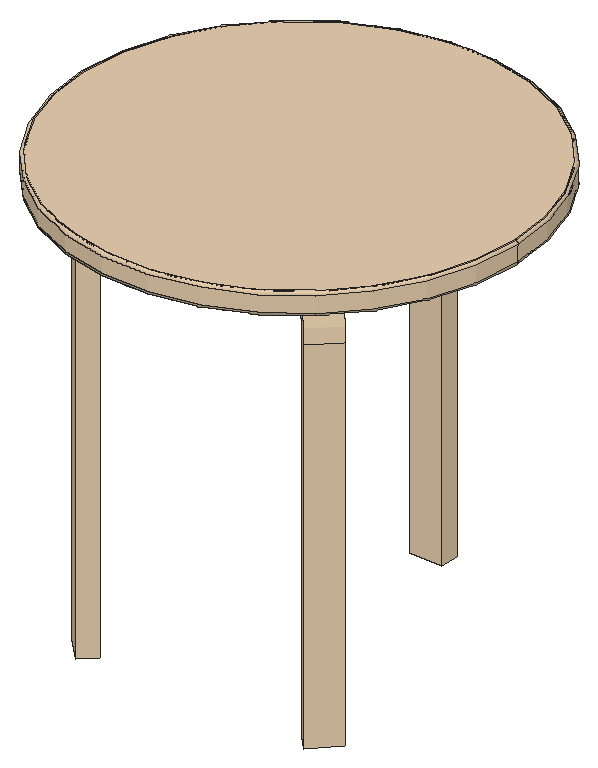
Revit family "Artek_Tables_Aalto Table round_Aalto Table round 90B", category Furniture, Revit 2018
Family settings
  OmniClass Number = 23.40.20.14.17.11
  OmniClass Title = Dining Room Tables
  Work Plane-Based = No
  Always vertical = Yes
  Cut with Voids When Loaded = No
  Shared = No
  Room Calculation Point = No
Parameters (values of type "Aalto Table round 90B Birch")
  WarrantyStartDate [instance] = "n/a"
  WarrantyGuarantorParts = "n/a"
  WarrantyGuarantorLabor = "n/a"
  WarrantyDurationUnit = "n/a"
  WarrantyDurationParts = "n/a"
  WarrantyDurationLabor = "n/a"
  WarrantyDescription = "n/a"
  VersionDate = "03/11/2020"  # constant formula
  Version = "1"  # constant formula
  Uniclass2015Reference = "Pr_40_50_21_22"
  Uniclass2015Description = "Dining tables"
  Uniclass2 = "Pr_40_50_21_21"
  URL = "https://www.artek.fi/en/products/aalto-table-round"
  Type Comments = ""
  TagNumber [instance] = "n/a"
  TableSecondaryMaterial = Natural Birch
  TableMainMaterial = Natural Birch
  SustainabilityPerformance = "n/a"
  Style = "n/a"
  Size = "750x740x750 mm "  # constant formula
  Shape = "Sculptured"
  SerialNumber [instance] = "n/a"
  Revision = "n/a"
  ReplacementCost = "n/a"
  ProductInformation = "n/a"
  NominalLength = 750 mm  # constant formula
  NominalHeight = 740 mm  # constant formula
  NominalDepth = 750 mm  # constant formula
  Name = "Aalto Table round 90B\r\n"  # constant formula
  NBSReference = "45-35-86/327"
  NBSDescription = "Tables"
  ModelReference = "n/a"
  ModelNumber = "28301881"
  Material = "Wood"
  ManufacturerURL = "https://www.artek.fi/"
  ManufacturerName = "Artek"
  Model = "Aalto Table round 90B Birch"
  Manufacturer = "Artek"
  MainColor = "Natural birch"
  InstallationDate [instance] = "n/a"
  IfcExportType = "TABLE"  # constant formula
  IfcExportAs = "IfcFurnishingElementType"  # constant formula
  Grade = "n/a"
  Finish = "n/a"
  Features = "n/a"
  ExpectedLife = "n/a"
  DurationUnit = "n/a"
  Designer = "Alvar Aalto"
  Description = ""
  Cost = 0
  ConvergoRefNr = "0190-2009-0019-FI\t\t\r\n"  # constant formula
  Constituents = "n/a"
  Color = MainColor  # "Natural birch"
  CodePerformance = "n/a"
  Barcode [instance] = "n/a"
  AssetIdentifier [instance] = "n/a"
  Category = "Tables"
  Brand = "Artek"
  BIMObjectName = "Artek_Tables_Aalto Table round_Aalto Table round 90B"  # constant formula
  Author = "Convergo AB"  # constant formula
  AssetType = "Movable"
  AccessibilityPerformance = "n/a"
Types (6, lengths in mm): name | TableSecondaryMaterial | TableMainMaterial | ModelNumber | Model | MainColor | Color
  (no name) | Natural Birch | Natural Birch | "28301881" | "Aalto Table round 90B Birch" | "Natural birch" | "Natural birch"
  Aalto Table round 90B Birch | Natural Birch | Natural Birch | "28301881" | "Aalto Table round 90B Birch" | "Natural birch" | "Natural birch"
  Aalto Table round 90B White laminate | Natural Birch | White Laminate | "28301882" | "Aalto Table round 90B White laminate" | "Natural birch" | "Natural birch"
  Aalto Table round 90B Black linoleum | Natural Birch | Black Linoleum | "28301883" | "Aalto Table round 90B Black linoleum" | "Natural birch" | "Natural birch"
  Aalto Table round 90B Linoleum black leg black | Black Linoleum | Black Linoleum | "28301884" | "Aalto Table round 90B Linoleum black leg black" | "Black" | "Black"
  Aalto Table round 90B White HPL leg white | White Laminate | White Laminate | "28301884" | "Aalto Table round 90B White HPL leg white" | "White" | "White"
Reference planes
  plane 1 "Center (Front/Back)": y = 0
  plane 2: z = 0
  plane 3 "Center (Left/Right)": x = 0
  plane 4: x = -375
  plane 5: x = 375
  plane 6: y = -375
  plane 7: y = 375
  plane 8: z = 740
Dimensions and locks
  equal spacing: plane 4, plane 3 "Center (Left/Right)", plane 5
  "NominalLength": plane 4 to plane 5
  equal spacing: plane 7, plane 1 "Center (Front/Back)", plane 6
  "NominalDepth": plane 7 to plane 6
  "NominalHeight": plane 8 to level
  aligned and locked: level to plane 2
Nested families
  nested 1: "90B" at (0, -0.002, 0), Material 1 <- "TableMainMaterial", Material 2 <- "TableSecondaryMaterial", type "90B"
    with Material 2 Natural Birch, Material 1 Natural Birch
Definition of nested family "90B"
  Parameters (values of type "90B")
    Material 2 [instance] = none
    Material 1 [instance] = none
  Reference planes
    plane 1 "Center (Front/Back)": y = 0
    plane 2: z = 0
    plane 3 "Center (Left/Right)": x = 0
    plane 4: z = 740
    plane 5: z = 703
    plane 6: y = 375
    plane 7: y = -375
    plane 8: x = -375
    plane 9: x = 375
  Forms (mm)
    Extrusion 1, solid, material <- "Material 2", detail levels medium+fine
      sketch origin (0, 0, 0) x (1, 0, 0) y (0, 1, 0)
        loop
          circle (0, 0) r 375
        loop
          circle (0, 0) r 370
      from 703 to 740
    Sweep 2, void
      path in 3D
        loop
          arc (375, 0, 740) -> (0, -375, 740) -> (-375, 0, 740) r 375
          arc (-375, 0, 740) -> (0, 375, 740) -> (375, 0, 740) r 375
      profile origin (0, 375, 740) x (0, 1, 0) y (0, 0, 1)
        loop
          line (0, 0) -> (-5, 0)
          arc (-5, 0) -> (-1.464, -1.464) -> (0, -5) r 5
          line (0, -5) -> (0, 0)
        loop
          line (0, -37) -> (0, -32)
          arc (0, -32) -> (-1.464, -35.536) -> (-5, -37) r 5
          line (-5, -37) -> (0, -37)
    Extrusion 3, solid, material <- "Material 2", detail levels medium+fine
      sketch origin (0, 0, 0) x (1, 0, 0) y (0, 1, 0)
        loop
          circle (0, 0) r 370
      from 703 to 740
    Extrusion 4, solid, material <- "Material 2", detail levels medium+fine
      sketch origin (0, 49.417, 0) x (0, 1, 0) y (0, 0, 1)
        loop
          line (101.2, 703) -> (101.2, 675.5) -> (188, 675.5)
          arc (188, 675.5) -> (200.756, 673.087) -> (212, 666.6) r 38.778
          arc (212, 666.6) -> (215.684, 662.691) -> (218.3, 658) r 21.794
          arc (218.3, 658) -> (221.216, 648.188) -> (222.2, 638) r 53.232
          line (222.2, 638) -> (222.2, 0) -> (254.2, 0) -> (254.2, 620.6)
          arc (254.2, 620.6) -> (252.21, 643.74) -> (246.3, 666.2) r 135.555
          arc (246.3, 666.2) -> (229.678, 690.328) -> (203.26, 703) r 56.952
          line (203.26, 703) -> (101.2, 703)
      from -27.5 to 27.5
    Extrusion 5, solid, material <- "Material 2", detail levels medium+fine
      sketch origin (35.169, -35.169, 0) x (0.707107, -0.707107, 0) y (0, 0, 1)
        loop
          line (101.2, 703) -> (101.2, 675.5) -> (188, 675.5)
          arc (188, 675.5) -> (200.756, 673.087) -> (212, 666.6) r 38.778
          arc (212, 666.6) -> (215.684, 662.691) -> (218.3, 658) r 21.794
          arc (218.3, 658) -> (221.216, 648.188) -> (222.2, 638) r 53.232
          line (222.2, 638) -> (222.2, 0) -> (254.2, 0) -> (254.2, 620.6)
          arc (254.2, 620.6) -> (252.21, 643.74) -> (246.3, 666.2) r 135.555
          arc (246.3, 666.2) -> (229.678, 690.328) -> (203.26, 703) r 56.952
          line (203.26, 703) -> (101.2, 703)
      from -27.5 to 27.5
    Extrusion 6, solid, material <- "Material 2", detail levels medium+fine
      sketch origin (-35.169, -35.169, 0) x (-0.707107, -0.707107, 0) y (0, 0, -1)
        loop
          line (101.2, -703) -> (203.26, -703)
          arc (203.26, -703) -> (229.678, -690.328) -> (246.3, -666.2) r 56.952
          arc (246.3, -666.2) -> (252.21, -643.74) -> (254.2, -620.6) r 135.555
          line (254.2, -620.6) -> (254.2, 0) -> (222.2, 0) -> (222.2, -638)
          arc (222.2, -638) -> (221.216, -648.188) -> (218.3, -658) r 53.232
          arc (218.3, -658) -> (215.684, -662.691) -> (212, -666.6) r 21.794
          arc (212, -666.6) -> (200.756, -673.087) -> (188, -675.5) r 38.778
          line (188, -675.5) -> (101.2, -675.5) -> (101.2, -703)
      from -27.5 to 27.5
    Extrusion 7, solid, material <- "Material 1", detail levels coarse
      sketch origin (0, 0, 0) x (1, 0, 0) y (0, 1, 0)
        loop
          line (-375, 375) -> (-375, -375) -> (375, -375) -> (375, 375) -> (-375, 375)
      from 0 to 740
  Cuts and joins
    Sweep 2 cuts Extrusion 1
  Lines and regions (mm)
    sketch lines
      curve 1: arc (-375, 0, 740) -> (0, 375, 740) -> (375, 0, 740) r 375
      curve 2: arc (375, 0, 740) -> (0, -375, 740) -> (-375, 0, 740) r 375
    symbolic lines, detail levels medium+fine
      curve 3: line (0, 0, 740) -> (-370, 0, 740)
      curve 4: arc (-370, 0, 740) -> (-373.787, 0, 738.286) -> (-375, 0, 734.311) r 5.042
      curve 5: line (-375, 0, 734.311) -> (-375, 0, 707.311)
      curve 6: arc (-375, 0, 707.311) -> (-373.488, 0, 704.01) -> (-370, 0, 703) r 4.358
      curve 7: line (0, 0, 740) -> (0, 370, 740)
      curve 8: arc (0, 370, 740) -> (0, 373.587, 738.484) -> (0, 375, 734.855) r 5.002
      curve 9: line (0, 375, 734.855) -> (0, 375, 707.855)
      curve 10: arc (0, 375, 707.855) -> (0, 373.527, 704.371) -> (0, 370.001, 703) r 4.857
      curve 11: line (0, 0, 740) -> (0, -370, 740)
      curve 12: arc (0, -370, 740) -> (0, -373.587, 738.484) -> (0, -375, 734.855) r 5.002
      curve 13: line (0, -375, 734.855) -> (0, -375, 707.855)
      curve 14: arc (0, -375, 707.855) -> (0, -373.527, 704.371) -> (0, -370.001, 703) r 4.857
      curve 15: arc (0, 252.677, 703) -> (0, 279.095, 690.328) -> (0, 295.717, 666.2) r 56.952
      curve 16: arc (0, 295.717, 666.2) -> (0, 301.627, 643.74) -> (0, 303.617, 620.6) r 135.555
      curve 17: line (0, 303.617, 620.6) -> (0, 303.617, 0)
      curve 18: line (0, 303.617, 0) -> (0, 271.617, 0)
      curve 19: line (0, 271.617, 0) -> (0, 271.617, 638)
      curve 20: arc (0, 271.617, 638) -> (0, 270.633, 648.188) -> (0, 267.717, 658) r 53.232
      curve 21: arc (0, 267.717, 658) -> (0, 265.101, 662.691) -> (0, 261.417, 666.6) r 21.794
      curve 22: arc (0, 261.417, 666.6) -> (0, 250.172, 673.087) -> (0, 237.417, 675.5) r 38.778
      curve 23: line (0, 237.417, 675.5) -> (0, 150.617, 675.5)
      curve 24: line (0, 150.617, 675.5) -> (0, 150.617, 703)
      curve 26: line (0, 150.617, 703) -> (0, -87.282, 703)
      curve 27: line (0, 252.677, 703) -> (0, 370.001, 703)
      curve 28: line (-27.5, 0, 703) -> (-27.5, 0, 0)
      curve 29: line (-27.5, 0, 0) -> (27.5, 0, 0)
      curve 31: line (-27.5, 0, 703) -> (-87.282, 0, 703)
      curve 32: line (-190.245, 0, 703) -> (-370, 0, 703)
      curve 33: line (0, -172.842, 638) -> (0, -172.842, 0)
      curve 34: spline (0, -170.892, 658) -> (0, -171.201, 656.407) -> (0, -171.483, 654.794) -> (0, -171.74, 653.164) -> (0, -171.97, 651.519) -> (0, -172.173, 649.86) -> (0, -172.35, 648.188) -> (0, -172.5, 646.506) -> (0, -172.623, 644.816) -> (0, -172.719, 643.118) -> (0, -172.788, 641.415) -> (0, -172.829, 639.708) -> (0, -172.842, 638)
      curve 35: spline (0, -167.742, 666.6) -> (0, -168.082, 666.014) -> (0, -168.409, 665.4) -> (0, -168.724, 664.759) -> (0, -169.025, 664.094) -> (0, -169.312, 663.404) -> (0, -169.584, 662.691) -> (0, -169.842, 661.956) -> (0, -170.084, 661.201) -> (0, -170.311, 660.426) -> (0, -170.521, 659.634) -> (0, -170.715, 658.825) -> (0, -170.892, 658)
      curve 36: spline (0, -155.742, 675.5) -> (0, -156.828, 675.398) -> (0, -157.909, 675.175) -> (0, -158.982, 674.831) -> (0, -160.044, 674.368) -> (0, -161.091, 673.786) -> (0, -162.12, 673.087) -> (0, -163.128, 672.275) -> (0, -164.112, 671.351) -> (0, -165.068, 670.318) -> (0, -165.994, 669.179) -> (0, -166.886, 667.939) -> (0, -167.742, 666.6)
      curve 37: line (0, -155.742, 675.5) -> (0, -87.282, 675.5)
      curve 38: line (0, -87.282, 703) -> (0, -87.282, 675.5)
      curve 40: line (0, -234.361, 620.6) -> (0, -234.361, 0)
      curve 41: spline (0, -230.411, 666.2) -> (0, -231.036, 662.532) -> (0, -231.609, 658.83) -> (0, -232.129, 655.097) -> (0, -232.595, 651.335) -> (0, -233.008, 647.548) -> (0, -233.366, 643.74) -> (0, -233.669, 639.912) -> (0, -233.918, 636.069) -> (0, -234.111, 632.212) -> (0, -234.25, 628.347) -> (0, -234.333, 624.475) -> (0, -234.361, 620.6)
      curve 42: spline (0, -208.891, 703) -> (0, -211.294, 701.872) -> (0, -213.64, 700.332) -> (0, -215.91, 698.392) -> (0, -218.087, 696.066) -> (0, -220.156, 693.371) -> (0, -222.1, 690.328) -> (0, -223.905, 686.96) -> (0, -225.557, 683.292) -> (0, -227.044, 679.351) -> (0, -228.355, 675.168) -> (0, -229.48, 670.773) -> (0, -230.411, 666.2)
      curve 44: line (0, -208.891, 703) -> (0, -370.001, 703)
      curve 45: line (0, -172.842, 0) -> (0, -234.361, 0)
      curve 47: line (-234.361, 0, 0) -> (-234.361, 0, 620.6)
      curve 48: spline (-234.361, 0, 620.6) -> (-234.313, 0, 624.475) -> (-234.169, 0, 628.347) -> (-233.929, 0, 632.212) -> (-233.594, 0, 636.069) -> (-233.163, 0, 639.912) -> (-232.638, 0, 643.74) -> (-232.017, 0, 647.548) -> (-231.303, 0, 651.335) -> (-230.496, 0, 655.097) -> (-229.595, 0, 658.83) -> (-228.603, 0, 662.532) -> (-227.519, 0, 666.2)
      curve 49: spline (-227.519, 0, 666.2) -> (-225.908, 0, 670.773) -> (-223.959, 0, 675.168) -> (-221.688, 0, 679.351) -> (-219.112, 0, 683.292) -> (-216.25, 0, 686.96) -> (-213.124, 0, 690.328) -> (-209.757, 0, 693.371) -> (-206.174, 0, 696.066) -> (-202.402, 0, 698.392) -> (-198.471, 0, 700.332) -> (-194.408, 0, 701.872) -> (-190.245, 0, 703)
      curve 53: line (-172.842, 0, 0) -> (-172.842, 0, 638)
      curve 54: spline (-172.842, 0, 638) -> (-172.819, 0, 639.708) -> (-172.747, 0, 641.415) -> (-172.629, 0, 643.118) -> (-172.463, 0, 644.816) -> (-172.25, 0, 646.506) -> (-171.99, 0, 648.188) -> (-171.684, 0, 649.86) -> (-171.331, 0, 651.519) -> (-170.932, 0, 653.164) -> (-170.488, 0, 654.794) -> (-169.999, 0, 656.407) -> (-169.465, 0, 658)
      curve 55: spline (-164.009, 0, 666.6) -> (-162.526, 0, 667.939) -> (-160.98, 0, 669.179) -> (-159.377, 0, 670.318) -> (-157.72, 0, 671.351) -> (-156.017, 0, 672.275) -> (-154.271, 0, 673.087) -> (-152.488, 0, 673.786) -> (-150.675, 0, 674.368) -> (-148.836, 0, 674.831) -> (-146.977, 0, 675.175) -> (-145.105, 0, 675.398) -> (-143.224, 0, 675.5)
      curve 56: spline (-169.465, 0, 658) -> (-169.158, 0, 658.825) -> (-168.822, 0, 659.634) -> (-168.458, 0, 660.426) -> (-168.065, 0, 661.201) -> (-167.646, 0, 661.956) -> (-167.199, 0, 662.691) -> (-166.727, 0, 663.404) -> (-166.23, 0, 664.094) -> (-165.709, 0, 664.759) -> (-165.164, 0, 665.4) -> (-164.597, 0, 666.014) -> (-164.009, 0, 666.6)
      curve 57: line (-143.224, 0, 675.5) -> (-87.282, 0, 675.5)
      curve 58: line (-87.282, 0, 675.5) -> (-87.282, 0, 703)
      curve 60: line (-234.361, 0, 0) -> (-172.842, 0, 0)
      curve 61: circle (0, 0, 0) r 375 normal (0, 0, 1)
      curve 62: line (0, 0, 740) -> (370, 0, 740)
      curve 63: arc (370, 0, 740) -> (373.787, 0, 738.286) -> (375, 0, 734.311) r 5.042
      curve 64: line (375, 0, 734.311) -> (375, 0, 707.311)
      curve 65: arc (375, 0, 707.311) -> (373.488, 0, 704.01) -> (370, 0, 703) r 4.358
      curve 66: line (27.5, 0, 703) -> (87.282, 0, 703)
      curve 67: line (190.245, 0, 703) -> (370, 0, 703)
      curve 68: line (234.361, 0, 0) -> (234.361, 0, 620.6)
      curve 69: spline (234.361, 0, 620.6) -> (234.313, 0, 624.475) -> (234.169, 0, 628.347) -> (233.929, 0, 632.212) -> (233.594, 0, 636.069) -> (233.163, 0, 639.912) -> (232.638, 0, 643.74) -> (232.017, 0, 647.548) -> (231.303, 0, 651.335) -> (230.496, 0, 655.097) -> (229.595, 0, 658.83) -> (228.603, 0, 662.532) -> (227.519, 0, 666.2)
      curve 70: spline (227.519, 0, 666.2) -> (225.908, 0, 670.773) -> (223.959, 0, 675.168) -> (221.688, 0, 679.351) -> (219.112, 0, 683.292) -> (216.25, 0, 686.96) -> (213.124, 0, 690.328) -> (209.757, 0, 693.371) -> (206.174, 0, 696.066) -> (202.402, 0, 698.392) -> (198.471, 0, 700.332) -> (194.408, 0, 701.872) -> (190.245, 0, 703)
      curve 74: line (172.842, 0, 0) -> (172.842, 0, 638)
      curve 75: spline (172.842, 0, 638) -> (172.819, 0, 639.708) -> (172.747, 0, 641.415) -> (172.629, 0, 643.118) -> (172.463, 0, 644.816) -> (172.25, 0, 646.506) -> (171.99, 0, 648.188) -> (171.684, 0, 649.86) -> (171.331, 0, 651.519) -> (170.932, 0, 653.164) -> (170.488, 0, 654.794) -> (169.999, 0, 656.407) -> (169.465, 0, 658)
      curve 76: spline (164.009, 0, 666.6) -> (162.526, 0, 667.939) -> (160.98, 0, 669.179) -> (159.377, 0, 670.318) -> (157.72, 0, 671.351) -> (156.017, 0, 672.275) -> (154.271, 0, 673.087) -> (152.488, 0, 673.786) -> (150.675, 0, 674.368) -> (148.836, 0, 674.831) -> (146.977, 0, 675.175) -> (145.105, 0, 675.398) -> (143.224, 0, 675.5)
      curve 77: spline (169.465, 0, 658) -> (169.158, 0, 658.825) -> (168.822, 0, 659.634) -> (168.458, 0, 660.426) -> (168.065, 0, 661.201) -> (167.646, 0, 661.956) -> (167.199, 0, 662.691) -> (166.727, 0, 663.404) -> (166.23, 0, 664.094) -> (165.709, 0, 664.759) -> (165.164, 0, 665.4) -> (164.597, 0, 666.014) -> (164.009, 0, 666.6)
      curve 78: line (143.224, 0, 675.5) -> (87.282, 0, 675.5)
      curve 79: line (87.282, 0, 675.5) -> (87.282, 0, 703)
      curve 81: line (234.361, 0, 0) -> (172.842, 0, 0)
      curve 82: line (27.5, 0, 703) -> (27.5, 0, 0)
    symbolic lines, detail levels fine
      curve 25: line (0, 150.617, 703) -> (0, 252.677, 703)
      curve 30: line (-27.5, 0, 703) -> (27.5, 0, 703)
      curve 39: line (0, -195.47, 0) -> (0, -195.47, 620.6)
      curve 43: line (0, -208.891, 703) -> (0, -87.282, 703)
      curve 46: line (-27.5, 0, 675.5) -> (27.5, 0, 675.5)
      curve 50: spline (-188.628, 0, 666.2) -> (-189.712, 0, 662.532) -> (-190.704, 0, 658.83) -> (-191.605, 0, 655.097) -> (-192.412, 0, 651.335) -> (-193.127, 0, 647.548) -> (-193.747, 0, 643.74) -> (-194.272, 0, 639.912) -> (-194.703, 0, 636.069) -> (-195.038, 0, 632.212) -> (-195.278, 0, 628.347) -> (-195.422, 0, 624.475) -> (-195.47, 0, 620.6)
      curve 51: line (-195.47, 0, 620.6) -> (-195.47, 0, 0)
      curve 52: spline (-151.355, 0, 703) -> (-155.517, 0, 701.872) -> (-159.58, 0, 700.332) -> (-163.512, 0, 698.392) -> (-167.283, 0, 696.066) -> (-170.866, 0, 693.371) -> (-174.233, 0, 690.328) -> (-177.359, 0, 686.96) -> (-180.221, 0, 683.292) -> (-182.797, 0, 679.351) -> (-185.068, 0, 675.168) -> (-187.017, 0, 670.773) -> (-188.628, 0, 666.2)
      curve 59: line (-87.282, 0, 703) -> (-190.245, 0, 703)
      curve 71: spline (188.628, 0, 666.2) -> (189.712, 0, 662.532) -> (190.704, 0, 658.83) -> (191.605, 0, 655.097) -> (192.412, 0, 651.335) -> (193.127, 0, 647.548) -> (193.747, 0, 643.74) -> (194.272, 0, 639.912) -> (194.703, 0, 636.069) -> (195.038, 0, 632.212) -> (195.278, 0, 628.347) -> (195.422, 0, 624.475) -> (195.47, 0, 620.6)
      curve 72: line (195.47, 0, 620.6) -> (195.47, 0, 0)
      curve 73: spline (151.355, 0, 703) -> (155.517, 0, 701.872) -> (159.58, 0, 700.332) -> (163.512, 0, 698.392) -> (167.283, 0, 696.066) -> (170.866, 0, 693.371) -> (174.233, 0, 690.328) -> (177.359, 0, 686.96) -> (180.221, 0, 683.292) -> (182.797, 0, 679.351) -> (185.068, 0, 675.168) -> (187.017, 0, 670.773) -> (188.628, 0, 666.2)
      curve 80: line (87.282, 0, 703) -> (190.245, 0, 703)
      curve 83: spline (0, -189.884, 666.2) -> (0, -188.568, 670.773) -> (0, -186.977, 675.168) -> (0, -185.123, 679.351) -> (0, -183.019, 683.292) -> (0, -180.683, 686.96) -> (0, -178.13, 690.328) -> (0, -175.381, 693.371) -> (0, -172.455, 696.066) -> (0, -169.376, 698.392) -> (0, -166.166, 700.332) -> (0, -162.849, 701.872) -> (0, -159.45, 703)
      curve 84: spline (0, -195.47, 620.6) -> (0, -195.431, 624.475) -> (0, -195.313, 628.347) -> (0, -195.117, 632.212) -> (0, -194.844, 636.069) -> (0, -194.492, 639.912) -> (0, -194.063, 643.74) -> (0, -193.557, 647.548) -> (0, -192.973, 651.335) -> (0, -192.314, 655.097) -> (0, -191.579, 658.83) -> (0, -190.768, 662.532) -> (0, -189.884, 666.2)
  Dimensions and locks
    equal spacing: plane 6, plane 1 "Center (Front/Back)", plane 7
    plane 6 to plane 7 = 750 mm
    aligned and locked: level to plane 2
  Automatic sketch dimensions
    Extrusion 1 sketch curve to Extrusion 1 sketch curve = 0 mm  (x2)
    plane 1 "Center (Front/Back)" to Extrusion 1 sketch curve = 0 mm
    Extrusion 1 sketch curve to plane 3 "Center (Left/Right)" = 0 mm
    Sweep 2 sketch curve to profile plane = 0 mm  (x3)
    Sweep 2 sketch curve to Sweep 2 sketch curve = 5 mm  (x2)
    Sweep 2 sketch curve to Sweep 2 sketch curve = 27 mm
    plane 1 "Center (Front/Back)" to Extrusion 3 sketch curve = 0 mm
    Extrusion 3 sketch curve to plane 3 "Center (Left/Right)" = 0 mm
    Extrusion 4 sketch curve to level = 0 mm
    Extrusion 4 sketch curve to plane 5 = 0 mm
    Extrusion 4 sketch curve to plane 6 = 224.383 mm
    Extrusion 4 sketch curve to Extrusion 4 sketch curve = 17.445 mm
    Extrusion 4 sketch curve to Extrusion 4 sketch curve = 50.323 mm
    Extrusion 4 sketch curve to Extrusion 4 sketch curve = 18.305 mm
    Extrusion 4 sketch curve to Extrusion 4 sketch curve = 0.727 mm
    Extrusion 4 sketch curve to Extrusion 4 sketch curve = 5.394 mm
    Extrusion 4 sketch curve to Extrusion 4 sketch curve = 5.436 mm
    Extrusion 4 sketch curve to Extrusion 4 sketch curve = 15.26 mm
    Extrusion 4 sketch curve to plane 6 = 103.383 mm
    Extrusion 4 sketch curve to plane 6 = 71.383 mm
    Extrusion 4 sketch curve to plane 5 = 82.4 mm
    Extrusion 4 sketch curve to plane 5 = 66.271 mm
    Extrusion 4 sketch curve to Extrusion 4 sketch curve = 1.271 mm
    Extrusion 4 sketch curve to Extrusion 4 sketch curve = 10.312 mm
    Extrusion 4 sketch curve to Extrusion 4 sketch curve = 2.77 mm
    Extrusion 4 sketch curve to Extrusion 4 sketch curve = 27.5 mm
    Extrusion 4 sketch curve to Extrusion 4 sketch curve = 0 mm
    Extrusion 5 sketch curve to level = 0 mm
    Extrusion 5 sketch curve to plane 5 = 0 mm
    Extrusion 5 sketch curve to Extrusion 5 sketch curve = 17.445 mm
    Extrusion 5 sketch curve to Extrusion 5 sketch curve = 50.323 mm
    Extrusion 5 sketch curve to Extrusion 5 sketch curve = 18.305 mm
    Extrusion 5 sketch curve to Extrusion 5 sketch curve = 0.727 mm
    Extrusion 5 sketch curve to Extrusion 5 sketch curve = 5.394 mm
    Extrusion 5 sketch curve to Extrusion 5 sketch curve = 5.436 mm
    Extrusion 5 sketch curve to Extrusion 5 sketch curve = 15.26 mm
    Extrusion 5 sketch curve to Extrusion 5 sketch curve = 32 mm
    Extrusion 5 sketch curve to plane 5 = 82.4 mm
    Extrusion 5 sketch curve to plane 5 = 66.271 mm
    Extrusion 5 sketch curve to Extrusion 5 sketch curve = 1.271 mm
    Extrusion 5 sketch curve to Extrusion 5 sketch curve = 10.312 mm
    Extrusion 5 sketch curve to Extrusion 5 sketch curve = 2.77 mm
    Extrusion 5 sketch curve to Extrusion 5 sketch curve = 27.5 mm
    Extrusion 5 sketch curve to Extrusion 5 sketch curve = 0 mm
    Extrusion 6 sketch curve to level = 0 mm
    Extrusion 6 sketch curve to plane 5 = 0 mm
    Extrusion 6 sketch curve to Extrusion 6 sketch curve = 17.445 mm
    Extrusion 6 sketch curve to Extrusion 6 sketch curve = 50.323 mm
    Extrusion 6 sketch curve to Extrusion 6 sketch curve = 18.305 mm
    Extrusion 6 sketch curve to Extrusion 6 sketch curve = 0.727 mm
    Extrusion 6 sketch curve to Extrusion 6 sketch curve = 5.394 mm
    Extrusion 6 sketch curve to Extrusion 6 sketch curve = 5.436 mm
    Extrusion 6 sketch curve to Extrusion 6 sketch curve = 15.26 mm
    Extrusion 6 sketch curve to Extrusion 6 sketch curve = 32 mm
    Extrusion 6 sketch curve to plane 5 = 27.5 mm
    Extrusion 6 sketch curve to Extrusion 6 sketch curve = 25.688 mm
    Extrusion 6 sketch curve to Extrusion 6 sketch curve = 2.77 mm
    Extrusion 6 sketch curve to Extrusion 6 sketch curve = 9.042 mm
    Extrusion 6 sketch curve to Extrusion 6 sketch curve = 10.312 mm
    Extrusion 6 sketch curve to Extrusion 6 sketch curve = 17.4 mm
    Extrusion 6 sketch curve to Extrusion 6 sketch curve = 0 mm
    Extrusion 6 sketch curve to Extrusion 6 sketch curve = 103.555 mm
    Extrusion 5 sketch curve to Extrusion 5 sketch curve = 103.555 mm
    plane 1 "Center (Front/Back)" to curve 61 = 0 mm
    curve 61 to plane 3 "Center (Left/Right)" = 0 mm
    curve 6 to plane 8 = 0 mm
    curve 3 to plane 4 = 0 mm
    curve 47 to level = 0 mm
    curve 29 to level = 0 mm
    curve 62 to plane 3 "Center (Left/Right)" = 0 mm
    curve 81 to level = 0 mm
    curve 64 to plane 9 = 0 mm
    plane 8 to curve 6 = 4.358 mm
    curve 32 to plane 5 = 0 mm
    curve 6 to curve 32 = 0.642 mm
    plane 8 to curve 3 = 5 mm
    plane 8 to curve 47 = 140.639 mm
    curve 47 to curve 51 = 38.891 mm
    curve 50 to curve 32 = 5.224 mm
    curve 51 to curve 60 = 22.627 mm
    curve 53 to curve 57 = 29.618 mm
    curve 58 to plane 5 = 27.5 mm
    curve 55 to curve 58 = 55.942 mm
    curve 29 to plane 3 "Center (Left/Right)" = 27.5 mm
    plane 3 "Center (Left/Right)" to curve 30 = 27.5 mm
    curve 78 to plane 5 = 27.5 mm
    curve 46 to curve 78 = 59.782 mm
    curve 78 to curve 78 = 55.942 mm
    curve 29 to curve 81 = 145.342 mm
    curve 76 to curve 80 = 47.021 mm
    curve 74 to curve 72 = 22.627 mm
    curve 72 to curve 68 = 38.891 mm
    curve 62 to plane 9 = 5 mm
    curve 67 to plane 9 = 5 mm
    plane 5 to curve 65 = 4.311 mm
    curve 51 to curve 57 = 54.9 mm
    curve 68 to plane 5 = 82.4 mm
    curve 72 to curve 68 = 0 mm
    curve 47 to curve 51 = 0 mm
    curve 71 to curve 74 = 17.4 mm
    curve 50 to curve 53 = 17.4 mm
    curve 5 to plane 4 = 5.689 mm
    curve 64 to plane 4 = 5.689 mm
    curve 49 to plane 5 = 36.8 mm
    curve 47 to curve 49 = 6.842 mm
    curve 50 to curve 53 = 15.786 mm
    plane 5 to curve 49 = 0.994 mm
    curve 32 to curve 49 = 9.174 mm
    curve 49 to curve 54 = 11.607 mm
    curve 56 to curve 56 = 5.456 mm
    curve 56 to curve 56 = 17.492 mm
    curve 52 to curve 55 = 8.13 mm
    curve 55 to curve 55 = 0.63 mm
    curve 56 to curve 52 = 9.793 mm
    curve 55 to curve 54 = 15.853 mm
    plane 4 to curve 48 = 16.155 mm
    curve 50 to plane 3 "Center (Left/Right)" = 78.075 mm
    curve 71 to curve 78 = 9.207 mm
    plane 4 to curve 69 = 16.155 mm
    curve 66 to curve 69 = 29.684 mm
    curve 69 to curve 75 = 9.776 mm
    curve 69 to curve 73 = 25.214 mm
    curve 73 to curve 76 = 0.414 mm
    curve 75 to curve 73 = 24.613 mm
    curve 73 to curve 77 = 9.793 mm
    curve 77 to curve 77 = 12.036 mm
    curve 76 to curve 75 = 5.456 mm
    plane 5 to curve 70 = 0.994 mm
    curve 70 to curve 67 = 9.174 mm
    curve 70 to curve 71 = 7.557 mm
    curve 70 to plane 5 = 36.8 mm
    curve 71 to curve 71 = 135.555 mm
    curve 50 to curve 50 = 135.555 mm
    curve 73 to curve 69 = 30.51 mm
    curve 52 to curve 48 = 30.51 mm
    curve 55 to curve 52 = 10.312 mm
    curve 76 to curve 73 = 10.312 mm
    curve 52 to curve 56 = 2.77 mm
    curve 73 to curve 77 = 2.77 mm
    curve 70 to curve 77 = 10.958 mm
    curve 49 to curve 56 = 10.958 mm
    curve 77 to curve 76 = 8.6 mm
    curve 56 to curve 55 = 8.6 mm
    curve 46 to curve 28 = 27.5 mm
    curve 12 to plane 7 = 0 mm
    curve 12 to plane 4 = 0 mm
    curve 40 to level = 0 mm
    curve 7 to plane 1 "Center (Front/Back)" = 0 mm
    curve 18 to level = 0 mm
    curve 9 to plane 6 = 0 mm
    curve 13 to curve 14 = 4.857 mm
    curve 44 to plane 5 = 0 mm
    curve 14 to curve 44 = 0.142 mm
    plane 7 to curve 12 = 5 mm
    plane 7 to curve 40 = 140.639 mm
    curve 41 to curve 43 = 25.47 mm
    curve 40 to curve 33 = 61.518 mm
    curve 34 to curve 37 = 17.1 mm
    curve 38 to plane 5 = 27.5 mm
    curve 37 to curve 38 = 68.46 mm
    curve 24 to plane 5 = 27.5 mm
    curve 24 to plane 1 "Center (Front/Back)" = 150.617 mm
    curve 23 to curve 16 = 17.445 mm
    curve 16 to curve 20 = 50.323 mm
    curve 20 to curve 22 = 18.305 mm
    curve 22 to curve 23 = 0.727 mm
    curve 22 to curve 15 = 5.394 mm
    curve 15 to curve 21 = 5.436 mm
    curve 23 to curve 27 = 15.26 mm
    curve 18 to plane 6 = 103.383 mm
    curve 19 to curve 17 = 32 mm
    curve 7 to plane 6 = 5 mm
    curve 27 to plane 6 = 4.999 mm
    plane 5 to curve 10 = 4.855 mm
    curve 40 to plane 5 = 82.4 mm
    curve 17 to plane 5 = 82.4 mm
    curve 22 to curve 22 = 38.771 mm
    curve 22 to curve 20 = 1.271 mm
    curve 41 to curve 33 = 17.4 mm
    curve 22 to curve 15 = 10.312 mm
    curve 15 to curve 21 = 2.77 mm
    curve 13 to plane 4 = 5.145 mm
    curve 9 to plane 4 = 5.145 mm
    curve 42 to plane 5 = 36.8 mm
    curve 42 to curve 43 = 21.52 mm
    curve 40 to curve 42 = 30.767 mm
    curve 42 to curve 39 = 8.124 mm
    curve 42 to curve 84 = 13.71 mm
    curve 34 to curve 35 = 1.95 mm
    curve 35 to curve 35 = 3.15 mm
    curve 33 to curve 41 = 6.259 mm
    curve 41 to curve 35 = 5.789 mm
    curve 83 to curve 36 = 3.708 mm
    curve 41 to curve 36 = 11.204 mm
    curve 35 to curve 83 = 8.834 mm
    curve 36 to curve 34 = 9.153 mm
    curve 34 to curve 84 = 46.609 mm
    curve 21 to curve 22 = 0 mm
    curve 34 to curve 41 = 35.832 mm
    curve 42 to curve 40 = 30.51 mm
    curve 34 to curve 36 = 13.184 mm
    curve 84 to curve 34 = 17.4 mm
    curve 41 to curve 35 = 7.417 mm
    curve 36 to curve 34 = 1.271 mm
    curve 83 to curve 35 = 2.77 mm
    curve 35 to curve 83 = 8.2 mm
    Extrusion 7 sketch curve to plane 7 = 0 mm
    Extrusion 7 sketch curve to plane 8 = 0 mm
    Extrusion 7 sketch curve to plane 9 = 0 mm
    Extrusion 7 sketch curve to plane 6 = 0 mm
    radius of Extrusion 1 sketch curve = 375 mm
    radius of Extrusion 1 sketch curve = 370 mm
    radius of Extrusion 3 sketch curve = 370 mm
    radius of curve 61 = 375 mm
